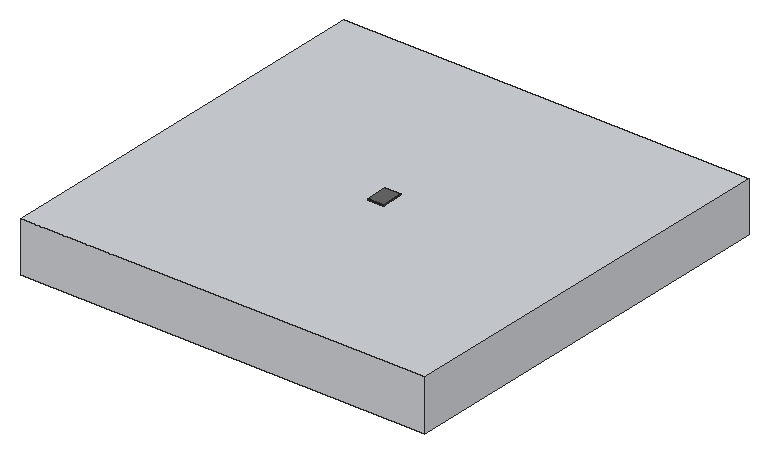
Revit family "Legrand_Hotel_UX_TOUCH_Door_Unit", category Equipement électrique, Revit 2020
Family settings
  Hôte = Face
  Configuration du panneau = Deux colonnes, circuits au sein
  Cote de connecteur circulaire = Utiliser le diamètre
  Type d'élément = Tableau de raccordement
  Couper avec des vides une fois chargée = Non
  Partagée = Non
  Point de calcul de pièce = Non
Parameters (values of type "Corridor Reader")
  Web configurator = "https://uxforupscalehotel.legrand.com"
  With room temperature controller = no
  With LED indication = yes
  URL = "http://www.legrandoc.com/048776"
  Type of surface = "Brilliant"
  Supply frequency MIN-MAX ( Hz) = "0-0"
  Storage temperature MIN-MAX (°C) = "-20-70"
  Standby consuption (mA) = 12
  Programming way = "Computer"
  Programmable = yes
  Overall width = 129 mm
  Overall height = 93 mm
  Overall depth = 42 mm
  Other bus systems = "Other"
  Operating / setting temperature MIN-MAX (°C) = "0-40"
  Number of buttons = 2
  Mounting method = "Flush mounted (plaster)"
  Mounting bracket Ref 048779 [instance] = yes
  Modèle = "048776"
  Material = LEGRAND - Black plastic
  built-in parameter 1140140 [instance] = 1 (stored number, unit not read)
  General Conditions of Use = "https://export.legrand.com/en/terms-of-use-BIM-objects"
  Flush mount accessory Ref 048788 [instance] = not(Mounting bracket Ref 048779)  # no
  Fabricant = "Legrand"
  Elévation par défaut = 1300 mm
  Description = "External reader SCS"
  Degree of protection (IP) = "IP20"
  Degree of impact strength (IK) = "IK02"
  built-in parameter 1140142 [instance] = -1
  Command = Lecteur externe SCS : Lecteur externe SCS
  Colour = "Black"
  Built-in depth = 30 mm
  built-in parameter 1155100 [instance] = -1
  Addressable = yes
Types (3, lengths in mm): name | URL | Standby consuption (mA) | Modèle | Description | Command
  (no name) | "http://www.legrandoc.com/048776" | 12 | "048776" | "External reader SCS" | Lecteur externe SCS : Lecteur externe SCS
  Corridor Reader | "http://www.legrandoc.com/048776" | 12 | "048776" | "External reader SCS" | Lecteur externe SCS : Lecteur externe SCS
  Corridor Indicator | "http://www.legrandoc.com/048775" | 8 | "048775" | "external indicator SCS" | Indicateur externe SCS : Indicateur externe SCS
Reference planes
  plane 1 "Centre (avant/arrière)": y = 0
  plane 2: z = 0
  plane 3 "Centre (gauche/droite)": x = 0
Forms (mm)
  Extrusion 1, solid
    sketch origin (0, 0, 0) x (1, 0, 0) y (0, 1, 0)
      loop
        line (-1219.2, 1219.2) -> (-1219.2, -1219.2) -> (1219.2, -1219.2) -> (1219.2, 1219.2) -> (-1219.2, 1219.2)
    from 0 to -304.8
Dimensions and locks
  aligned and locked: plane 2 to Extrusion 1
  aligned and locked: level to Extrusion 1
Nested families
  nested 1: "TOUCH-Unite de couloir" at (0, 0, 0), type "TOUCH-Unite de couloir"
  nested 2: "Lecteur externe SCS" at (0, 0, 0), type <- "Command", type "Lecteur externe SCS"
Connectors
  electrical at (0, 0, 0)
    settings: on nested 1, index 1, voltage 0 V, apparent load 0 VA, apparent load phase1 0 VA, apparent load phase2 0 VA, apparent load phase3 0 VA, power factor 1, load classification "Autre", number of poles 1, system type 31, power factor state 1, is connector primary yes, connector utility no, sub classification motor no, connector description ""
Definition of nested family "TOUCH-Unite de couloir"
  Parameters (values of type "TOUCH-Unite de couloir")
    Matériau = none
    Default Elevation = 0 mm
  Reference planes
    plane 1 "Centre (avant/arrière)": y = 0
    plane 2: z = 0
    plane 3 "Centre (gauche/droite)": x = 0
    plane 4: z = -5.9
    plane 5: z = -30.9
    plane 6: x = 46.5
    plane 7: x = -46.5
    plane 8: z = 11.5
    plane 9: y = 64.5
    plane 10: y = -64.5
  Forms (mm)
    Extrusion 1, solid, material <- "Matériau"
      sketch origin (0, 0, 0) x (0, -1, 0) y (1, 0, 0)
        loop
          line (-26.5, 26.5) -> (-26.5, -26.5) -> (26.5, -26.5) -> (26.5, 26.5) -> (-26.5, 26.5)
      from -5.9 to 0
    Extrusion 2, solid, material <- "Matériau"
      sketch origin (0, 0, 0) x (0, -1, 0) y (1, 0, 0)
        loop
          line (-16.5, 16.5) -> (-16.5, -16.5) -> (16.5, -16.5) -> (16.5, 16.5) -> (-16.5, 16.5)
      from -30.9 to -5.9
    Extrusion 3, solid, material <- "Matériau"
      sketch origin (0, 0, 0) x (0, -1, 0) y (1, 0, 0)
        loop
          line (-64.5, 46.5) -> (-64.5, -46.5) -> (64.5, -46.5) -> (64.5, 46.5) -> (-64.5, 46.5)
      from 0 to 11.5
    Sweep 4, void
      path origin (0, 0, 0) x (0, -1, 0) y (1, 0, 0)
        loop
          line (-64.5, 46.5) -> (-64.5, -46.5) -> (64.5, -46.5) -> (64.5, 46.5) -> (-64.5, 46.5)
      profile origin (46.5, 0, 0) x (1, 0, 0) y (0, 0, 1)
        loop
          arc (0, 11.5) -> (-1.004, 5.704) -> (-4.308, 0.837) r 13.947
          arc (-4.308, 0.837) -> (-5.255, 0.224) -> (-6.36, 0) r 3.03
          line (-6.36, 0) -> (-6.36, -5) -> (1.64, -5) -> (1.64, 11.5) -> (0, 11.5)
  Cuts and joins
    joined: Extrusion 1, Extrusion 2
    Sweep 4 cuts Extrusion 3
  Dimensions and locks
    plane 7 to plane 6 = 93 mm  (x2)
    plane 5 to plane 4 to plane 2 = 25 mm, 5.9 mm
    plane 2 to plane 8 = 11.5 mm
    plane 8 to plane 2 = 11.5 mm
    plane 10 to plane 9 = 129 mm  (x2)
    plane 5 to plane 8 = 42.4 mm
    aligned and locked: level to plane 2
Definition of nested family "Lecteur externe SCS"
  Parameters (values of type "Lecteur externe SCS")
    Matériau = none
    built-in parameter 1140140 [instance] = 1 (stored number, unit not read)
    Default Elevation = 0 mm
    built-in parameter 1140142 [instance] = -1
    built-in parameter 1155100 [instance] = -1
  Reference planes
    plane 1 "Centre (avant/arrière)": y = 0
    plane 2: z = 0
    plane 3 "Centre (gauche/droite)": x = 0
    plane 4: z = 11.5
    plane 5: x = -46.5
    plane 6: x = 46.5
    plane 7: y = 64.5
    plane 8: y = -64.5
  Lines and regions (mm)
    model lines, not visible
      curve 1: arc (-22.501, 17.5, 0) -> (-24.501, 18.5, 0) -> (-26.501, 17.5, 0) r 2.5
      curve 2: arc (1.5, -43.752, 0) -> (0, -42.704, 0) -> (-1.5, -43.752, 0) r 1.597
      curve 3: arc (-0.5, -48.255, 0) -> (0, -48.765, 0) -> (0.5, -48.255, 0) r 0.5
      curve 4: arc (-20.35, 14.5, 0) -> (-21.155, 13.926, 0) -> (-21.501, 13, 0) r 1.69
      curve 5: arc (-18.999, 13, 0) -> (-19.345, 13.926, 0) -> (-20.15, 14.5, 0) r 1.69
      curve 6: circle (0, 15.5, 0) r 4.251 normal (0, 0, 1)
      curve 7: arc (1.5, 17.251, 0) -> (0, 18.299, 0) -> (-1.5, 17.251, 0) r 1.597
      curve 8: arc (-0.5, 12.749, 0) -> (0, 12.238, 0) -> (0.5, 12.749, 0) r 0.5
      curve 9: line (1.5, -43.752, 0) -> (2, -48.255, 0)
      curve 10: line (2, -48.255, 0) -> (-2, -48.255, 0)
      curve 11: line (-2, -48.255, 0) -> (-1.5, -43.752, 0)
      curve 12: line (-21.501, 13, 0) -> (-21.501, 10.5, 0)
      curve 13: line (-21.501, 10.5, 0) -> (-18.999, 10.5, 0)
      curve 14: line (-18.999, 10.5, 0) -> (-18.999, 13, 0)
      curve 15: line (-20.15, 14.5, 0) -> (-20.15, 20.5, 0)
      curve 16: line (-20.15, 20.5, 0) -> (-20.35, 20.5, 0)
      curve 17: line (-20.35, 20.5, 0) -> (-20.35, 14.5, 0)
      curve 18: line (-21.501, 17.5, 0) -> (-27.501, 17.5, 0)
      curve 19: line (-27.501, 17.5, 0) -> (-26.001, 10.5, 0)
      curve 20: line (-26.001, 10.5, 0) -> (-23.001, 10.5, 0)
      curve 21: line (-23.001, 10.5, 0) -> (-21.501, 17.5, 0)
      curve 22: line (3.834, -41.9, 0) -> (2.774, -42.961, 0)
      curve 23: line (0, -40.235, 0) -> (0, -41.735, 0)
      curve 24: line (3.742, -45.735, 0) -> (5.242, -45.735, 0)
      curve 25: line (3, 18.512, 0) -> (-3, 12.488, 0)
      curve 26: line (-1.5, 17.251, 0) -> (-2, 12.749, 0)
      curve 27: line (-2, 12.749, 0) -> (2, 12.749, 0)
      curve 28: line (2, 12.749, 0) -> (1.5, 17.251, 0)
      curve 29: line (-3.742, -45.735, 0) -> (-5.242, -45.735, 0)
      curve 30: line (-3.834, -41.9, 0) -> (-2.774, -42.961, 0)
      curve 31: circle (0, -14.5, 0) r 2 normal (0, 0, 1)
      curve 32: arc (3, -18.514, 0) -> (4.998, -14.532, 0) -> (3, -10.55, 0) r 4.968
      curve 33: arc (4.998, -19.401, 0) -> (7, -14.5, 0) -> (4.998, -9.599, 0) r 7
      curve 34: arc (-3, -10.55, 0) -> (-4.998, -14.532, 0) -> (-3, -18.514, 0) r 4.968
      curve 35: arc (-4.998, -9.599, 0) -> (-7, -14.5, 0) -> (-4.998, -19.401, 0) r 7
    model lines
      curve 36: arc (-22.501, 17.5, 11.5) -> (-24.501, 18.5, 11.5) -> (-26.501, 17.5, 11.5) r 2.5
      curve 37: arc (1.5, -43.752, 11.5) -> (0, -42.704, 11.5) -> (-1.5, -43.752, 11.5) r 1.597
      curve 38: arc (-0.5, -48.255, 11.5) -> (0, -48.765, 11.5) -> (0.5, -48.255, 11.5) r 0.5
      curve 39: arc (-20.35, 14.5, 11.5) -> (-21.155, 13.926, 11.5) -> (-21.501, 13, 11.5) r 1.69
      curve 40: arc (-18.999, 13, 11.5) -> (-19.345, 13.926, 11.5) -> (-20.15, 14.5, 11.5) r 1.69
      curve 41: circle (0, 15.5, 11.5) r 4.251 normal (0, 0, 1)
      curve 42: arc (1.5, 17.251, 11.5) -> (0, 18.299, 11.5) -> (-1.5, 17.251, 11.5) r 1.597
      curve 43: arc (-0.5, 12.749, 11.5) -> (0, 12.238, 11.5) -> (0.5, 12.749, 11.5) r 0.5
      curve 44: line (1.5, -43.752, 11.5) -> (2, -48.255, 11.5)
      curve 45: line (2, -48.255, 11.5) -> (-2, -48.255, 11.5)
      curve 46: line (-2, -48.255, 11.5) -> (-1.5, -43.752, 11.5)
      curve 47: line (-21.501, 13, 11.5) -> (-21.501, 10.5, 11.5)
      curve 48: line (-21.501, 10.5, 11.5) -> (-18.999, 10.5, 11.5)
      curve 49: line (-18.999, 10.5, 11.5) -> (-18.999, 13, 11.5)
      curve 50: line (-20.15, 14.5, 11.5) -> (-20.15, 20.5, 11.5)
      curve 51: line (-20.15, 20.5, 11.5) -> (-20.35, 20.5, 11.5)
      curve 52: line (-20.35, 20.5, 11.5) -> (-20.35, 14.5, 11.5)
      curve 53: line (-21.501, 17.5, 11.5) -> (-27.501, 17.5, 11.5)
      curve 54: line (-27.501, 17.5, 11.5) -> (-26.001, 10.5, 11.5)
      curve 55: line (-26.001, 10.5, 11.5) -> (-23.001, 10.5, 11.5)
      curve 56: line (-23.001, 10.5, 11.5) -> (-21.501, 17.5, 11.5)
      curve 57: line (3.834, -41.9, 11.5) -> (2.774, -42.961, 11.5)
      curve 58: line (0, -40.235, 11.5) -> (0, -41.735, 11.5)
      curve 59: line (3.742, -45.735, 11.5) -> (5.242, -45.735, 11.5)
      curve 60: line (3, 18.512, 11.5) -> (-3, 12.488, 11.5)
      curve 61: line (-1.5, 17.251, 11.5) -> (-2, 12.749, 11.5)
      curve 62: line (-2, 12.749, 11.5) -> (2, 12.749, 11.5)
      curve 63: line (2, 12.749, 11.5) -> (1.5, 17.251, 11.5)
      curve 64: line (-3.742, -45.735, 11.5) -> (-5.242, -45.735, 11.5)
      curve 65: line (-3.834, -41.9, 11.5) -> (-2.774, -42.961, 11.5)
      curve 66: circle (0, -14.5, 11.5) r 2 normal (0, 0, 1)
      curve 67: arc (3, -18.514, 11.5) -> (4.998, -14.532, 11.5) -> (3, -10.55, 11.5) r 4.968
      curve 68: arc (4.998, -19.401, 11.5) -> (7, -14.5, 11.5) -> (4.998, -9.599, 11.5) r 7
      curve 69: arc (-3, -10.55, 11.5) -> (-4.998, -14.532, 11.5) -> (-3, -18.514, 11.5) r 4.968
      curve 70: arc (-4.998, -9.599, 11.5) -> (-7, -14.5, 11.5) -> (-4.998, -19.401, 11.5) r 7
  Dimensions and locks
    plane 5 to plane 6 = 93 mm
    plane 8 to plane 7 = 129 mm
    plane 5 to plane 3 "Centre (gauche/droite)" = 46.5 mm
    plane 1 "Centre (avant/arrière)" to plane 7 = 64.5 mm
    aligned and locked: level to plane 2
